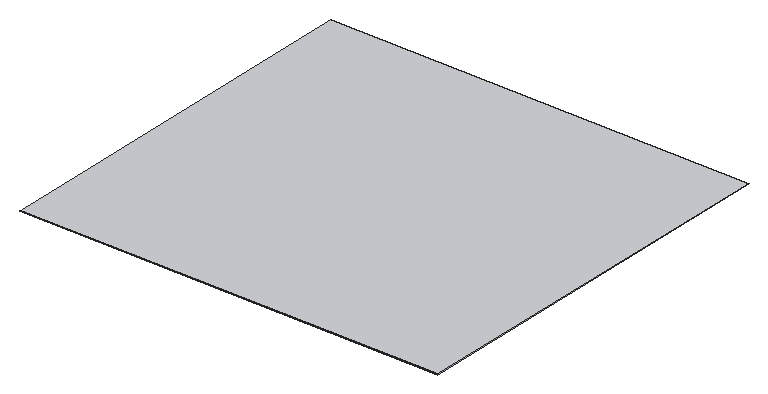
Revit family "WLL_bay_template", category Walls, Revit 2024
Family settings
  Work Plane-Based = No
  Always vertical = No
  Cut with Voids When Loaded = No
  Shared = Yes
Parameters
  Type IFC Predefined Type = "PARTITIONING"
  Structural Material = <By Category>
  HSL_drofus_room_func_no [instance] = ""
  HSL_WIDTH [instance] = 2367.295 mm
  HSL_ROOM_NUMBER = ""
  HSL_ROOM_NAME_SHORT [instance] = ""
  HSL_ROOM_NAME [instance] = ""
  HSL_HEIGHT [instance] = 2438.4 mm
  HSL_GROSS_FLOOR_AREA [instance] = 0.00 m²
  HSL_DEPTH [instance] = 1044.001 mm
  HSL_DEPARTMENT_2 [instance] = ""
  HSL_DEPARTMENT_1 [instance] = ""
  HSL_DEPARTMENT [instance] = ""
  HSL_CLIENT_REQ_AREA_DIFF_PERC [instance] = if(HSL_GROSS_FLOOR_AREA - HSL_CLIENT_REQ_AREA = 0.00 m², 0, if(HSL_CLIENT_REQ_AREA = 0.00 m², 9999, 100 * (HSL_GROSS_FLOOR_AREA - HSL_CLIENT_REQ_AREA) / HSL_CLIENT_REQ_AREA))  # 0
  HSL_CLIENT_REQ_AREA_DIFF [instance] = HSL_GROSS_FLOOR_AREA - HSL_CLIENT_REQ_AREA  # 0.00 m²
  HSL_CLIENT_REQ_AREA [instance] = 0.00 m²
  Export Type to IFC As = "IfcWallType"
Reference planes
  plane 1: y = 0
  plane 2: z = 0
  plane 3: x = -230.945
  plane 4: z = 2438.4
Dimensions and locks
  "HSL_HEIGHT": plane 4 to level
  aligned and locked: plane 3 to nested 1
  aligned and locked: plane 1 to nested 1
  aligned and locked: plane 3 to nested 2
  aligned and locked: plane 1 to nested 2
  aligned and locked: plane 3 to nested 3
  aligned and locked: nested 3 to plane 1
Nested families
  nested 1: "ANN_Planning_nested_tag" at (-230.945, 0, 0), HSL_DEPTH <- "HSL_DEPTH", HSL_WIDTH <- "HSL_WIDTH", HSL_ROOM_NAME_SHORT <- "HSL_ROOM_NAME_SHORT", HSL_drofus_room_func_no <- "HSL_drofus_room_func_no", HSL_CLIENT_REQ_AREA <- "HSL_CLIENT_REQ_AREA", HSL_GROSS_FLOOR_AREA <- "HSL_GROSS_FLOOR_AREA", type "ANN_Planning_nested_tag"
    with HSL_drofus_room_func_no "", HSL_WIDTH 2367.295 mm, HSL_ROOM_NAME_SHORT "", HSL_ID_INSTANCE "", HSL_GROSS_FLOOR_AREA 0.00 m², HSL_DEPTH 1044.001 mm, HSL_CLIENT_REQ_AREA 0.00 m²
  nested 2: "GEN_Inner_Nested_Bay_template" at (-230.945, 0, 0), HSL_DEPARTMENT <- "HSL_DEPARTMENT", HSL_DEPARTMENT_1 <- "HSL_DEPARTMENT_1", HSL_DEPARTMENT_2 <- "HSL_DEPARTMENT_2", HSL_ROOM_NUMBER <- "HSL_ROOM_NUMBER", HSL_drofus_room_func_no <- "HSL_drofus_room_func_no", HSL_CLIENT_REQ_AREA_DIFF <- "HSL_CLIENT_REQ_AREA_DIFF", HSL_CLIENT_REQ_AREA_DIFF_PERC <- "HSL_CLIENT_REQ_AREA_DIFF_PERC", HSL_DEPTH <- "HSL_DEPTH", HSL_HEIGHT <- "HSL_HEIGHT", HSL_WIDTH <- "HSL_WIDTH", type "Rectangle_Inner_Nested"
    with HSL_drofus_room_func_no "", HSL_WIDTH 2367.295 mm, HSL_ROOM_NUMBER "", HSL_HEIGHT 2438.4 mm, HSL_DEPTH 1044.001 mm, HSL_DEPARTMENT_2 "", HSL_DEPARTMENT_1 "", HSL_DEPARTMENT "", HSL_CLIENT_REQ_AREA_DIFF_PERC 0, HSL_CLIENT_REQ_AREA_DIFF 0.00 m²
  nested 3: "GEN_Inner_Nested_Coarse_Bay_template" at (-230.945, 0, 0), HSL_DEPTH <- "HSL_DEPTH", HSL_HEIGHT <- "HSL_HEIGHT", HSL_WIDTH <- "HSL_WIDTH", HSL_DEPARTMENT <- "HSL_DEPARTMENT", HSL_DEPARTMENT_1 <- "HSL_DEPARTMENT_1", HSL_DEPARTMENT_2 <- "HSL_DEPARTMENT_2", HSL_ROOM_NUMBER <- "HSL_ROOM_NUMBER", HSL_drofus_room_func_no <- "HSL_drofus_room_func_no", HSL_CLIENT_REQ_AREA_DIFF <- "HSL_CLIENT_REQ_AREA_DIFF", HSL_CLIENT_REQ_AREA_DIFF_PERC <- "HSL_CLIENT_REQ_AREA_DIFF_PERC", type "Rectangle_Inner_Nested", detail levels coarse
    with HSL_drofus_room_func_no "", HSL_WIDTH 2367.295 mm, HSL_ROOM_NUMBER "", HSL_HEIGHT 2438.4 mm, HSL_DEPTH 1044.001 mm, HSL_DEPARTMENT_2 "", HSL_DEPARTMENT_1 "", HSL_DEPARTMENT "", HSL_CLIENT_REQ_AREA_DIFF_PERC 0, HSL_CLIENT_REQ_AREA_DIFF 0.00 m²
Definition of nested family "GEN_Inner_Nested_Bay_template"
  Parameters (values of type "Rectangle_Inner_Nested")
    Learning Link = ""
    HSL_drofus_room_func_no [instance] = ""
    HSL_WIDTH [instance] = 1880 mm
    HSL_ROOM_NUMBER [instance] = ""
    HSL_HEIGHT [instance] = 1574.089 mm
    HSL_DEPTH [instance] = 1766.032 mm
    HSL_DEPARTMENT_2 [instance] = ""
    HSL_DEPARTMENT_1 [instance] = ""
    HSL_DEPARTMENT [instance] = ""
    HSL_CLIENT_REQ_AREA_DIFF_PERC [instance] = 0
    HSL_CLIENT_REQ_AREA_DIFF [instance] = 0.00 m²
    Default Elevation = 0 mm
  Reference planes
    plane 1 "Center (Front/Back)": y = 0
    plane 2: z = 0
    plane 3 "Center (Left/Right)": x = 0
    plane 4: z = 1574.089
  Forms (mm)
    Extrusion 1, solid, detail levels medium+fine
      sketch origin (0, 0, 0) x (1, 0, 0) y (0, 1, 0)
        loop
          line (-832.073, 775.089) -> (-832.073, -775.089) -> (832.073, -775.089) -> (832.073, 775.089) -> (-832.073, 775.089)
      from 0 to 1
  Lines and regions (mm)
    model lines, detail levels medium+fine
      curve 1: line (0, 0, 0) -> (0, 0, 1574.089)
  Dimensions and locks
    "HSL_HEIGHT": plane 4 to level
    aligned and locked: level to plane 2
    aligned and locked: plane 4 to curve 1
    aligned and locked: level to curve 1
    aligned and locked: plane 3 "Center (Left/Right)" to curve 1
  Automatic sketch dimensions
    plane 3 "Center (Left/Right)" to Extrusion 1 sketch curve = 832.073 mm
    Extrusion 1 sketch curve to plane 1 "Center (Front/Back)" = 775.089 mm
    Extrusion 1 sketch curve to plane 3 "Center (Left/Right)" = 832.073 mm
    plane 1 "Center (Front/Back)" to Extrusion 1 sketch curve = 775.089 mm
Definition of nested family "ANN_Planning_nested_tag"
  Parameters (values of type "ANN_Planning_nested_tag")
    Learning Link = ""
    HSL_drofus_room_func_no [instance] = "00.00.00"
    HSL_WIDTH [instance] = 2000 mm
    HSL_ROOM_NAME_SHORT [instance] = "SAMPLE"
    HSL_ID_INSTANCE [instance] = ""
    HSL_GROSS_FLOOR_AREA [instance] = 60.00 m²
    HSL_DEPTH [instance] = 3000 mm
    HSL_CLIENT_REQ_AREA [instance] = 30.00 m²
    Default Elevation = 0 mm
  Reference planes
    plane 1 "Center (Front/Back)": y = 0
    plane 2: z = 0
    plane 3 "Center (Left/Right)": x = 0
  Dimensions and locks
    aligned and locked: level to plane 2
  Nested families
    nested 1: "SYM_Planning_Annotation" at (-30, -159.812, 0), HSL_GROSS_FLOOR_AREA <- "HSL_GROSS_FLOOR_AREA", HSL_ROOM_NAME_SHORT <- "HSL_ROOM_NAME_SHORT", HSL_drofus_room_func_no <- "HSL_drofus_room_func_no", HSL_DEPTH <- "HSL_DEPTH", HSL_WIDTH <- "HSL_WIDTH", HSL_CLIENT_REQ_AREA <- "HSL_CLIENT_REQ_AREA", type "SYM_Planning_Annotation"
      with HSL_drofus_room_func_no "00.00.00", HSL_WIDTH 2000 mm, HSL_ROOM_NAME_SHORT "SAMPLE", HSL_GROSS_FLOOR_AREA 60.00 m², HSL_DEPTH 3000 mm, HSL_CLIENT_REQ_AREA 30.00 m²
  Definition of nested family "SYM_Planning_Annotation"
    Parameters (values of type "SYM_Planning_Annotation")
      HSL_drofus_room_func_no [instance] = ""
      HSL_WIDTH [instance] = 0 mm
      HSL_ROOM_NAME_SHORT [instance] = ""
      HSL_GROSS_FLOOR_AREA [instance] = 0.00 m²
      HSL_DEPTH [instance] = 0 mm
      HSL_CLIENT_REQ_AREA [instance] = 0.00 m²
    Reference planes
      plane 1: y = 0
      plane 2: x = 0
    Text (mm)
      label "HSL_WIDTH/ HSL_DEPTH\nHSL_drofus_room_func_no\nHSL_ROOM_NAME_SHORT\nHSL_GROSS_FLOOR_AREA /  [HSL_CLIENT_REQ_AREA]" at (1.878, 17.288, 0), shows "HSL_WIDTH", "HSL_DEPTH", "HSL_drofus_room_func_no", "HSL_ROOM_NAME_SHORT", "HSL_GROSS_FLOOR_AREA", "HSL_CLIENT_REQ_AREA"
Definition of nested family "GEN_Inner_Nested_Coarse_Bay_template"
  Parameters (values of type "Rectangle_Inner_Nested")
    Learning Link = ""
    HSL_drofus_room_func_no [instance] = ""
    HSL_WIDTH [instance] = 3000 mm
    HSL_ROOM_NUMBER [instance] = ""
    HSL_HEIGHT [instance] = 1574.089 mm
    HSL_DEPTH [instance] = 3000 mm
    HSL_DEPARTMENT_2 [instance] = ""
    HSL_DEPARTMENT_1 [instance] = ""
    HSL_DEPARTMENT [instance] = ""
    HSL_CLIENT_REQ_AREA_DIFF_PERC [instance] = 0
    HSL_CLIENT_REQ_AREA_DIFF [instance] = 0.00 m²
    Default Elevation = 0 mm
  Reference planes
    plane 1 "Center (Front/Back)": y = 0
    plane 2: z = 0
    plane 3 "Center (Left/Right)": x = 0
    plane 4: z = 1574.089
  Forms (mm)
    Extrusion 1, solid, detail levels coarse
      sketch origin (0, 0, 0) x (1, 0, 0) y (0, 1, 0)
        loop
          arc (-1200, 1400) -> (-1341.421, 1341.421) -> (-1400, 1200) r 200
          line (-1400, 1200) -> (-1400, -1200)
          arc (-1400, -1200) -> (-1341.421, -1341.421) -> (-1200, -1400) r 200
          line (-1200, -1400) -> (1200, -1400)
          arc (1200, -1400) -> (1341.421, -1341.421) -> (1400, -1200) r 200
          line (1400, -1200) -> (1400, 1200)
          arc (1400, 1200) -> (1341.421, 1341.421) -> (1200, 1400) r 200
          line (1200, 1400) -> (-1200, 1400)
      from 0 to 1
  Lines and regions (mm)
    model lines, detail levels coarse
      curve 1: line (0, 0, 0) -> (0, 0, 1574.089)
    symbolic lines, detail levels coarse
      curve 2: line (1200, 1400, 0) -> (-1200, 1400, 0)
      curve 3: line (-1400, 1200, 0) -> (-1400, -1200, 0)
      curve 4: line (1400, -1200, 0) -> (1400, 1200, 0)
      curve 5: line (-1200, -1400, 0) -> (1200, -1400, 0)
      curve 6: arc (-1400, 1200, 0) -> (-1341.421, 1341.421, 0) -> (-1200, 1400, 0) r 200
      curve 7: arc (1200, 1400, 0) -> (1341.421, 1341.421, 0) -> (1400, 1200, 0) r 200
      curve 8: arc (1400, -1200, 0) -> (1341.421, -1341.421, 0) -> (1200, -1400, 0) r 200
      curve 9: arc (-1200, -1400, 0) -> (-1341.421, -1341.421, 0) -> (-1400, -1200, 0) r 200
  Dimensions and locks
    "HSL_HEIGHT": plane 4 to level
    aligned and locked: level to plane 2
    aligned and locked: plane 4 to curve 1
    aligned and locked: level to curve 1
    aligned and locked: plane 3 "Center (Left/Right)" to curve 1
  Automatic sketch dimensions
    curve 6 to plane 1 "Center (Front/Back)" = 1200 mm
    Extrusion 1 sketch curve to Extrusion 1 sketch curve = 200 mm  (x3)
    Extrusion 1 sketch curve to plane 1 "Center (Front/Back)" = 1200 mm
    plane 3 "Center (Left/Right)" to curve 5 = 1200 mm
    plane 3 "Center (Left/Right)" to curve 7 = 1200 mm
    curve 7 to curve 4 = 200 mm
    plane 3 "Center (Left/Right)" to Extrusion 1 sketch curve = 1200 mm
    plane 1 "Center (Front/Back)" to curve 8 = 1200 mm
    plane 1 "Center (Front/Back)" to Extrusion 1 sketch curve = 1200 mm
    curve 9 to plane 3 "Center (Left/Right)" = 1200 mm
    curve 6 to plane 3 "Center (Left/Right)" = 1200 mm
    curve 3 to curve 9 = 200 mm
    Extrusion 1 sketch curve to plane 3 "Center (Left/Right)" = 1200 mm  (x2)
